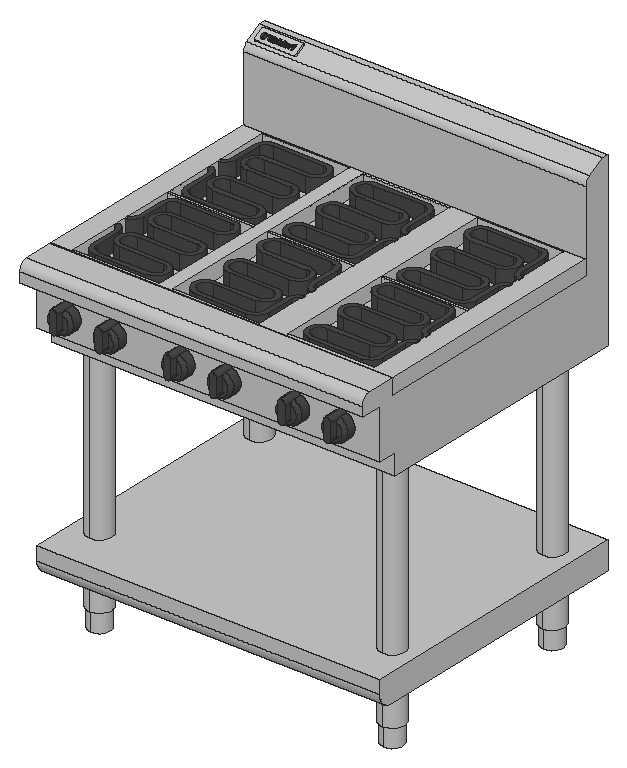
Revit family "QF_MOFFAT WALDORF_RN8600E-LS", category Specialty Equipment, Revit 2012 (continued)
Automatic sketch dimensions
  Split face 9 sketch curve to Split face 9 sketch curve = 20.0 mm
  Extrusion 1 to Split face 10 sketch curve = 5.177 mm
  Split face 10 sketch curve to Extrusion 1 = 9.153 mm
  Split face 10 sketch curve to Extrusion 1 = 295.437 mm
  Split face 10 sketch curve to Split face 10 sketch curve = 20.0 mm
  Extrusion 1 to Split face 11 sketch curve = 5.177 mm
  Split face 11 sketch curve to Extrusion 1 = 9.153 mm
  Split face 11 sketch curve to Extrusion 1 = 245.437 mm
  Split face 11 sketch curve to Split face 11 sketch curve = 20.0 mm
  Extrusion 1 to Split face 12 sketch curve = 5.177 mm
  Split face 12 sketch curve to Extrusion 1 = 9.153 mm
  Split face 12 sketch curve to Extrusion 1 = 195.437 mm
  Split face 12 sketch curve to Split face 12 sketch curve = 20.0 mm
  Extrusion 15 sketch curve to Extrusion 1 = 0.0 mm  (x2)
  Extrusion 1 to Extrusion 15 sketch curve = 0.0 mm
  Extrusion 15 sketch curve to Extrusion 1 = 6.75 mm  (x3)
  Extrusion 15 sketch curve to Extrusion 15 sketch curve = 306.95 mm
  Extrusion 1 to Extrusion 15 sketch curve = 54.0 mm  (x2)
  Extrusion 15 sketch curve to Extrusion 15 sketch curve = 0.0 mm  (x6)
  Extrusion 15 sketch curve to Extrusion 15 sketch curve = 7.6 mm  (x3)
  Extrusion 1 to Extrusion 15 sketch curve = 6.75 mm  (x3)
  Extrusion 1 to Extrusion 15 sketch curve = 1.0 mm
  Extrusion 15 sketch curve to Extrusion 15 sketch curve = 228.75 mm  (x3)
  Extrusion 15 sketch curve to Extrusion 15 sketch curve = 34.5 mm
  Extrusion 15 sketch curve to Extrusion 15 sketch curve = 71.25 mm  (x2)
  Extrusion 16 sketch curve to Extrusion 16 sketch curve = 0.0 mm  (x104)
  Extrusion 1 to Extrusion 16 sketch curve = 20.503 mm  (x3)
  Extrusion 16 sketch curve to Extrusion 16 sketch curve = 11.997 mm  (x6)
  Extrusion 16 sketch curve to Extrusion 16 sketch curve = 19.532 mm  (x6)
  Extrusion 16 sketch curve to Extrusion 16 sketch curve = 0.24 mm  (x6)
  Extrusion 16 sketch curve to Extrusion 16 sketch curve = 0.931 mm  (x10)
  Extrusion 16 sketch curve to Extrusion 16 sketch curve = 0.01 mm  (x6)
  Extrusion 16 sketch curve to Extrusion 16 sketch curve = 21.7 mm  (x30)
  Extrusion 16 sketch curve to Extrusion 16 sketch curve = 0.002 mm  (x6)
  Extrusion 16 sketch curve to Extrusion 16 sketch curve = 70.811 mm  (x6)
  Extrusion 16 sketch curve to Extrusion 16 sketch curve = 0.447 mm  (x6)
  Extrusion 16 sketch curve to Extrusion 16 sketch curve = 0.12 mm  (x6)
  Extrusion 16 sketch curve to Extrusion 16 sketch curve = 19.01 mm  (x6)
  Extrusion 16 sketch curve to Extrusion 16 sketch curve = 12.303 mm  (x6)
  Extrusion 16 sketch curve to Extrusion 16 sketch curve = 21.593 mm  (x6)
  Extrusion 16 sketch curve to Extrusion 16 sketch curve = 12.315 mm  (x6)
  Extrusion 16 sketch curve to Extrusion 16 sketch curve = 18.52 mm  (x6)
  Extrusion 16 sketch curve to Extrusion 16 sketch curve = 0.133 mm  (x6)
  Extrusion 16 sketch curve to Extrusion 16 sketch curve = 0.5 mm  (x2)
  Extrusion 16 sketch curve to Extrusion 16 sketch curve = 19.152 mm  (x4)
  Extrusion 16 sketch curve to Extrusion 16 sketch curve = 20.704 mm  (x8)
  Extrusion 16 sketch curve to Extrusion 16 sketch curve = 0.239 mm  (x6)
  Extrusion 16 sketch curve to Extrusion 16 sketch curve = 16.003 mm  (x3)
  Extrusion 1 to Extrusion 16 sketch curve = 48.333 mm  (x2)
  Extrusion 1 to Extrusion 16 sketch curve = 48.512 mm  (x2)
  Extrusion 16 sketch curve to Extrusion 16 sketch curve = 0.004 mm  (x2)
  Extrusion 16 sketch curve to Extrusion 16 sketch curve = 5.484 mm  (x2)
  Extrusion 16 sketch curve to Extrusion 16 sketch curve = 5.667 mm  (x2)
  Extrusion 16 sketch curve to Extrusion 16 sketch curve = 20.701 mm  (x4)
  Extrusion 16 sketch curve to Extrusion 16 sketch curve = 0.001 mm  (x6)
  Extrusion 16 sketch curve to Extrusion 16 sketch curve = 41.7 mm  (x2)
  Extrusion 16 sketch curve to Extrusion 16 sketch curve = 20.999 mm
  Extrusion 16 sketch curve to Extrusion 16 sketch curve = 112.6 mm  (x5)
  Extrusion 16 sketch curve to Extrusion 16 sketch curve = 130.8 mm  (x2)
  Extrusion 16 sketch curve to Extrusion 16 sketch curve = 19.862 mm  (x4)
  Extrusion 16 sketch curve to Extrusion 16 sketch curve = 0.032 mm  (x2)
  Extrusion 16 sketch curve to Extrusion 16 sketch curve = 19.894 mm  (x2)
  Extrusion 16 sketch curve to Extrusion 16 sketch curve = 0.226 mm  (x4)
  Extrusion 16 sketch curve to Extrusion 16 sketch curve = 0.258 mm  (x4)
  Extrusion 16 sketch curve to Extrusion 16 sketch curve = 0.879 mm  (x8)
  Extrusion 16 sketch curve to Extrusion 16 sketch curve = 14.293 mm
  Extrusion 16 sketch curve to Extrusion 16 sketch curve = 133.7 mm
  Extrusion 16 sketch curve to Extrusion 16 sketch curve = 133.693 mm  (x2)
  Extrusion 1 sketch curve to plane 5 "FRONT" = 0.0 mm
  Extrusion 1 sketch curve to plane 10 = 0.0 mm
  Extrusion 1 sketch curve to plane 6 "TOP" = 0.0 mm
  Extrusion 1 sketch curve to plane 1 "BACK" = 0.0 mm  (x2)
  Extrusion 1 sketch curve to plane 5 "FRONT" = 24.0 mm
  Extrusion 1 sketch curve to plane 5 "FRONT" = 56.0 mm  (x2)
  Extrusion 1 sketch curve to Extrusion 1 sketch curve = 44.0 mm
  Extrusion 1 sketch curve to Extrusion 1 sketch curve = 50.0 mm
  plane 1 "BACK" to Extrusion 1 sketch curve = 70.0 mm
  Extrusion 1 sketch curve to plane 6 "TOP" = 24.369 mm
  Extrusion 1 sketch curve to Extrusion 1 sketch curve = 11.291 mm
  Extrusion 1 sketch curve to Extrusion 1 sketch curve = 22.582 mm
  Extrusion 1 sketch curve to Extrusion 1 sketch curve = 16.5 mm
  Extrusion 1 sketch curve to plane 10 = 40.0 mm
  Extrusion 1 sketch curve to Extrusion 1 sketch curve = 25.0 mm
  Extrusion 1 sketch curve to Extrusion 1 sketch curve = 131.0 mm
  Extrusion 1 sketch curve to Extrusion 1 sketch curve = 195.0 mm
  Extrusion 1 sketch curve to plane 9 "Base Height" = 0.0 mm
  Extrusion 1 sketch curve to Extrusion 1 sketch curve = 38.0 mm
  Extrusion 1 sketch curve to Extrusion 1 sketch curve = 34.5 mm
  Revolve 17 sketch curve to plane 9 "Base Height" = 0.0 mm
  Revolve 17 sketch curve to level = 0.0 mm
  level to Revolve 17 sketch curve = 50.0 mm
  plane 1 "BACK" to Revolve 17 sketch curve = 131.75 mm
  Revolve 17 sketch curve to Revolve 17 sketch curve = 4.25 mm
  Revolve 17 sketch curve to Revolve 17 sketch curve = 27.5 mm  (x2)
  Revolve 17 sketch curve to Revolve 17 sketch curve = 55.0 mm
  Revolve 17 sketch curve to Revolve 17 sketch curve = 0.0 mm
  Revolve 18 sketch curve to plane 9 "Base Height" = 0.0 mm
  Revolve 18 sketch curve to level = 0.0 mm
  level to Revolve 18 sketch curve = 50.0 mm
  Revolve 18 sketch curve to plane 5 "FRONT" = 148.25 mm
  Revolve 18 sketch curve to Revolve 18 sketch curve = 4.25 mm
  Revolve 18 sketch curve to Revolve 18 sketch curve = 27.5 mm  (x2)
  Revolve 18 sketch curve to Revolve 18 sketch curve = 55.0 mm
  Revolve 18 sketch curve to Revolve 18 sketch curve = 0.0 mm
  Revolve 19 sketch curve to plane 9 "Base Height" = 0.0 mm
  Revolve 19 sketch curve to level = 0.0 mm
  level to Revolve 19 sketch curve = 50.0 mm
  plane 1 "BACK" to Revolve 19 sketch curve = 131.75 mm
  Revolve 19 sketch curve to Revolve 19 sketch curve = 4.25 mm
  Revolve 19 sketch curve to Revolve 19 sketch curve = 27.5 mm  (x2)
  Revolve 19 sketch curve to Revolve 19 sketch curve = 0.0 mm
  Revolve 19 sketch curve to Revolve 19 sketch curve = 55.0 mm
  Revolve 20 sketch curve to plane 9 "Base Height" = 0.0 mm
  Revolve 20 sketch curve to level = 0.0 mm
  level to Revolve 20 sketch curve = 50.0 mm
  Revolve 20 sketch curve to plane 5 "FRONT" = 148.25 mm
  Revolve 20 sketch curve to Revolve 20 sketch curve = 4.25 mm
  Revolve 20 sketch curve to Revolve 20 sketch curve = 27.5 mm  (x2)
  Revolve 20 sketch curve to Revolve 20 sketch curve = 0.0 mm
  Revolve 20 sketch curve to Revolve 20 sketch curve = 55.0 mm
  Extrusion 21 sketch curve to Extrusion 21 sketch curve = 0.0 mm  (x8)
  Extrusion 1 to Extrusion 21 sketch curve = 68.25 mm  (x2)
  Extrusion 21 sketch curve to Extrusion 21 sketch curve = 31.75 mm  (x4)
  Extrusion 1 to Extrusion 21 sketch curve = 155.75 mm  (x2)
  Extrusion 1 to Extrusion 21 sketch curve = 65.0 mm  (x4)
  radius of Extrusion 4 sketch curve = 13.5 mm
Nested families
  nested 1: "WALDORF LOGO" at (12.5, -36.099, 1102.127), visible <- "Show Logo", type "WALDORF LOGO", detail levels medium+fine
    with Type Mark "", Status "", Specification by User "", Show Logo yes, Revision Code "", Item Number "", Installed By "", Identify Quantity as Lot yes, Furnished By "", Foodservice Equipment Identifier yes
  nested 2: "RN8600E-LS-CASTERS" at (65, -100, 0), Show Casters <- "Show Casters", visible <- "Show Casters", type "RN8600E-LS-CASTERS"
    with Type Mark "", Status "", Specification by User "", Show Casters no, Revision Code "", Item Number "", Installed By "", Identify Quantity as Lot yes, Furnished By "", Foodservice Equipment Identifier yes
  nested 3: "RN8600E-LS-CASTERS" at (835, -100, 0), Show Casters <- "Show Casters", visible <- "Show Casters", type "RN8600E-LS-CASTERS"
    with Type Mark "", Status "", Specification by User "", Show Casters no, Revision Code "", Item Number "", Installed By "", Identify Quantity as Lot yes, Furnished By "", Foodservice Equipment Identifier yes
Connectors
  electrical at (770, -32, 710), driven by "Volts", driven by "Watts"
    settings: on cut or joined group of Extrusion 1, Extrusion 4, index 1, voltage 415 V, apparent load 14400 VA, apparent load phase1 0 VA, apparent load phase2 0 VA, apparent load phase3 0 VA, power factor 1, load classification "Other", number of poles 1, system type 30, power factor state 1, is connector primary yes, connector utility no, sub classification motor no, connector description "ELECTRICAL CONNECTION"
Definition of nested family "WALDORF LOGO"
  Parameters (values of type "BT8300-CB-LOGO")
    Weight in Pounds = 0
    URL Cutsheet = ""
    Type Mark [instance] = ""
    Status [instance] = ""
    Specification by User [instance] = ""
    Specification by Manufacturer = ""
    Show Logo [instance] = yes
    Serial Number = ""
    Seismic Rating = ""
    SMACNA No = ""
    Revision Code [instance] = ""
    Omniclass Number and Title = ""
    NAFEM Spec ID Number = ""
    Masterspec = ""
    Item Number [instance] = ""
    Installed By [instance] = ""
    Identify Quantity as Lot [instance] = yes
    Furnished By [instance] = ""
    Foodservice Equipment Identifier [instance] = yes
    CSI MasterFormat = ""
    CSI Master Format = ""
  Reference planes
    plane 1 "BACK": y = 0
    plane 2: z = 0
    plane 3 "LEFT": x = 0
    plane 4 "RIGHT": x = 109
    plane 5 "FRONT": y = -1.588
    plane 6 "TOP": z = 34.14
    plane 7 "Center Y": x = 54.5
    plane 8 "Center X": y = -0.794
  Forms (mm)
    Extrusion 1, solid, material "QF_Finishes_Stainless Steel", visible <- "Show Logo"
      sketch origin (0, -15.16, 7.701) x (1, 0, 0) y (0, 0.863373, 0.504566)
        loop
          arc (5, 34.14) -> (1.464, 32.676) -> (0, 29.14) r 5
          line (0, 29.14) -> (0, 5)
          arc (0, 5) -> (1.464, 1.464) -> (5, 0) r 5
          line (5, 0) -> (104, 0)
          arc (104, 0) -> (107.536, 1.464) -> (109, 5) r 5
          line (109, 5) -> (109, 29.14)
          arc (109, 29.14) -> (107.536, 32.676) -> (104, 34.14) r 5
          line (104, 34.14) -> (5, 34.14)
      from 0 to 1.588
    Extrusion 2, solid, material "QF_Finishes_Black", visible <- "Show Logo"
      sketch origin (0, -15.961, 9.072) x (1, 0, 0) y (0, 0.863373, 0.504566)
        loop
          line (24.772, 23.214) -> (27.992, 10.301) -> (31.551, 10.301) -> (33.443, 17.364) -> (35.205, 10.301) -> (39.332, 10.301) -> (42.077, 23.214) -> (38.352, 23.214) -> (36.676, 15.33) -> (35, 23.214) -> (31.752, 23.214) -> (30.076, 15.33) -> (28.4, 23.214) -> (24.772, 23.214)
        loop
          line (42.272, 17.055) -> (45.703, 17.055)
          spline (45.703, 17.055) -> (45.741, 17.285) -> (45.852, 17.499) -> (46.028, 17.682) -> (46.258, 17.823) -> (46.526, 17.912) -> (46.813, 17.942) -> (47.1, 17.912) -> (47.368, 17.823) -> (47.597, 17.682) -> (47.774, 17.499) -> (47.884, 17.285) -> (47.922, 17.055)
          line (47.922, 17.055) -> (47.922, 16.222)
          arc (47.922, 16.222) -> (45.742, 16.014) -> (43.665, 15.317) r 9.604
          arc (43.665, 15.317) -> (41.924, 12.809) -> (43.665, 10.301) r 2.677
          arc (43.665, 10.301) -> (45.527, 10.353) -> (47.332, 10.816) r 8.365
          line (47.332, 10.816) -> (48.092, 11.105) -> (48.092, 10.301) -> (51.817, 10.301) -> (51.817, 17.055)
          spline (51.817, 17.055) -> (51.654, 17.821) -> (51.178, 18.535) -> (50.419, 19.148) -> (49.431, 19.619) -> (48.28, 19.914) -> (47.044, 20.015) -> (45.809, 19.914) -> (44.658, 19.619) -> (43.67, 19.148) -> (42.911, 18.535) -> (42.434, 17.821) -> (42.272, 17.055)
        loop
          line (53.151, 23.214) -> (53.151, 10.301) -> (57.37, 10.301) -> (57.37, 23.214) -> (53.151, 23.214)
        loop
          line (64.874, 23.214) -> (64.874, 18.857)
          arc (64.874, 18.857) -> (58.083, 15.11) -> (64.874, 11.363) r 4.429
          line (64.874, 11.363) -> (64.874, 10.301) -> (68.378, 10.301) -> (68.378, 23.214) -> (64.874, 23.214)
        loop
          arc (64.874, 16.083) -> (61.41, 14.987) -> (64.874, 13.891) r 1.905
          line (64.874, 13.891) -> (64.874, 16.083)
        loop
          circle (74.623, 15.223) r 5
        loop
          spline (74.623, 17.856) -> (74.355, 17.766) -> (74.105, 17.503) -> (73.891, 17.084) -> (73.726, 16.539) -> (73.623, 15.904) -> (73.588, 15.223) -> (73.623, 14.541) -> (73.726, 13.906) -> (73.891, 13.361) -> (74.105, 12.942) -> (74.355, 12.679) -> (74.623, 12.59)
          spline (74.623, 12.59) -> (74.891, 12.679) -> (75.141, 12.942) -> (75.355, 13.361) -> (75.52, 13.906) -> (75.623, 14.541) -> (75.659, 15.223) -> (75.623, 15.904) -> (75.52, 16.539) -> (75.355, 17.084) -> (75.141, 17.503) -> (74.891, 17.766) -> (74.623, 17.856)
        loop
          line (81.255, 19.813) -> (81.255, 10.301) -> (84.834, 10.301) -> (84.834, 14.176)
          arc (84.834, 14.176) -> (85.854, 16.093) -> (88.013, 16.32) r 2.313
          line (88.013, 16.32) -> (88.013, 19.813) -> (87.161, 19.813)
          arc (87.161, 19.813) -> (85.526, 19.266) -> (84.549, 17.844) r 2.717
          line (84.549, 17.844) -> (84.549, 19.813) -> (81.255, 19.813)
        loop
          line (90.249, 19.813) -> (88.91, 19.813) -> (88.91, 17.614) -> (90.249, 17.614) -> (90.249, 10.301) -> (93.998, 10.301) -> (93.998, 17.614) -> (95.418, 17.614) -> (95.418, 19.813) -> (93.998, 19.813)
          arc (93.998, 19.813) -> (94.414, 20.817) -> (95.418, 21.233) r 1.42
          line (95.418, 21.233) -> (95.418, 23.602) -> (93.317, 23.602)
          arc (93.317, 23.602) -> (91.343, 22.903) -> (90.249, 21.118) r 3.137
          line (90.249, 21.118) -> (90.249, 19.813)
        loop
          arc (15.241, 23.571) -> (8.392, 16.525) -> (15.241, 9.479) r 7.049
          line (15.241, 9.479) -> (15.241, 23.571)
        loop
          line (15.641, 23.571) -> (15.641, 9.479)
          arc (15.641, 9.479) -> (22.49, 16.525) -> (15.641, 23.571) r 7.049
        loop
          arc (47.922, 14.711) -> (46.266, 13.749) -> (47.922, 12.787) r 1.107
          line (47.922, 12.787) -> (47.922, 14.711)
      from 0 to 0.2
  Dimensions and locks
    equal spacing: plane 3 "LEFT", plane 7 "Center Y", plane 4 "RIGHT"
    plane 3 "LEFT" to plane 4 "RIGHT" = 109.0 mm
    equal spacing: plane 5 "FRONT", plane 8 "Center X", plane 1 "BACK"
    plane 5 "FRONT" to plane 1 "BACK" = 1.588 mm
    aligned and locked: level to plane 2
  Automatic sketch dimensions
    Extrusion 1 sketch curve to plane 3 "LEFT" = 0.0 mm
    Extrusion 1 sketch curve to plane 4 "RIGHT" = 0.0 mm
    plane 3 "LEFT" to Extrusion 1 sketch curve = 5.0 mm  (x2)
    plane 4 "RIGHT" to Extrusion 1 sketch curve = 5.0 mm  (x2)
    Extrusion 1 sketch curve to Extrusion 1 sketch curve = 24.14 mm
    Extrusion 2 sketch curve to Extrusion 2 sketch curve = 0.0 mm  (x14)
    Extrusion 2 sketch curve to Extrusion 1 = 15.241 mm
    Extrusion 2 sketch curve to Extrusion 2 sketch curve = 0.2 mm
    Extrusion 2 sketch curve to Extrusion 2 sketch curve = 0.4 mm
    Extrusion 2 sketch curve to Extrusion 2 sketch curve = 9.131 mm
    Extrusion 2 sketch curve to Extrusion 1 = 10.301 mm  (x2)
    Extrusion 2 sketch curve to Extrusion 2 sketch curve = 12.351 mm
    Extrusion 2 sketch curve to Extrusion 2 sketch curve = 3.628 mm
    Extrusion 2 sketch curve to Extrusion 2 sketch curve = 2.084 mm
    Extrusion 2 sketch curve to Extrusion 2 sketch curve = 3.559 mm
    Extrusion 2 sketch curve to Extrusion 1 = 10.926 mm  (x2)
    Extrusion 2 sketch curve to Extrusion 2 sketch curve = 3.352 mm  (x2)
    Extrusion 2 sketch curve to Extrusion 2 sketch curve = 3.367 mm
    Extrusion 2 sketch curve to Extrusion 2 sketch curve = 3.249 mm
    Extrusion 2 sketch curve to Extrusion 2 sketch curve = 3.654 mm
    Extrusion 2 sketch curve to Extrusion 1 = 15.33 mm
    Extrusion 2 sketch curve to Extrusion 2 sketch curve = 3.233 mm
    Extrusion 2 sketch curve to Extrusion 2 sketch curve = 4.128 mm
    Extrusion 2 sketch curve to Extrusion 2 sketch curve = 3.725 mm
    Extrusion 2 sketch curve to Extrusion 2 sketch curve = 5.596 mm
    Extrusion 2 sketch curve to Extrusion 2 sketch curve = 4.333 mm
    Extrusion 2 sketch curve to Extrusion 2 sketch curve = 1.394 mm
    Extrusion 2 sketch curve to Extrusion 2 sketch curve = 2.092 mm
    Extrusion 2 sketch curve to Extrusion 2 sketch curve = 0.936 mm
    Extrusion 2 sketch curve to Extrusion 2 sketch curve = 1.34 mm
    Extrusion 2 sketch curve to Extrusion 2 sketch curve = 1.109 mm
    Extrusion 2 sketch curve to Extrusion 2 sketch curve = 0.232 mm
    Extrusion 2 sketch curve to Extrusion 2 sketch curve = 2.731 mm
    Extrusion 2 sketch curve to Extrusion 2 sketch curve = 0.549 mm  (x2)
    Extrusion 2 sketch curve to Extrusion 2 sketch curve = 0.407 mm
    Extrusion 2 sketch curve to Extrusion 2 sketch curve = 0.76 mm
    Extrusion 2 sketch curve to Extrusion 2 sketch curve = 1.334 mm
    Extrusion 2 sketch curve to Extrusion 2 sketch curve = 4.219 mm
    Extrusion 2 sketch curve to Extrusion 2 sketch curve = 5.142 mm
    Extrusion 2 sketch curve to Extrusion 2 sketch curve = 0.803 mm
    Extrusion 2 sketch curve to Extrusion 2 sketch curve = 1.558 mm
    Extrusion 2 sketch curve to Extrusion 2 sketch curve = 3.504 mm
    Extrusion 2 sketch curve to Extrusion 2 sketch curve = 6.245 mm
    Extrusion 2 sketch curve to Extrusion 2 sketch curve = 6.632 mm
    Extrusion 2 sketch curve to Extrusion 2 sketch curve = 3.294 mm
    Extrusion 2 sketch curve to Extrusion 2 sketch curve = 3.579 mm
    Extrusion 2 sketch curve to Extrusion 2 sketch curve = 2.313 mm
    Extrusion 2 sketch curve to Extrusion 2 sketch curve = 2.612 mm
    Extrusion 2 sketch curve to Extrusion 2 sketch curve = 0.852 mm
    Extrusion 2 sketch curve to Extrusion 2 sketch curve = 0.897 mm
    Extrusion 2 sketch curve to Extrusion 2 sketch curve = 3.102 mm
    Extrusion 2 sketch curve to Extrusion 2 sketch curve = 1.338 mm
    Extrusion 2 sketch curve to Extrusion 2 sketch curve = 3.068 mm
    Extrusion 2 sketch curve to Extrusion 2 sketch curve = 0.681 mm
    Extrusion 2 sketch curve to Extrusion 2 sketch curve = 3.749 mm
    Extrusion 2 sketch curve to Extrusion 2 sketch curve = 1.42 mm
    Extrusion 2 sketch curve to Extrusion 2 sketch curve = 5.029 mm  (x2)
    Extrusion 2 sketch curve to Extrusion 1 = 9.479 mm
    Extrusion 2 sketch curve to Extrusion 2 sketch curve = 3.681 mm
    Extrusion 2 sketch curve to Extrusion 2 sketch curve = 0.515 mm
    Extrusion 2 sketch curve to Extrusion 2 sketch curve = 0.804 mm
    Extrusion 2 sketch curve to Extrusion 2 sketch curve = 1.062 mm
    Extrusion 2 sketch curve to Extrusion 2 sketch curve = 1.682 mm
    Extrusion 2 sketch curve to Extrusion 2 sketch curve = 2.508 mm
    Extrusion 2 sketch curve to Extrusion 2 sketch curve = 0.962 mm
    Extrusion 2 sketch curve to Extrusion 2 sketch curve = 2.528 mm
    Extrusion 2 sketch curve to Extrusion 2 sketch curve = 3.875 mm
    Extrusion 2 sketch curve to Extrusion 2 sketch curve = 1.096 mm
    Extrusion 2 sketch curve to Extrusion 2 sketch curve = 0.123 mm
    Extrusion 2 sketch curve to Extrusion 2 sketch curve = 4.922 mm
    Extrusion 2 sketch curve to Extrusion 2 sketch curve = 7.046 mm
    Extrusion 2 sketch curve to Extrusion 2 sketch curve = 0.833 mm
    Extrusion 2 sketch curve to Extrusion 2 sketch curve = 0.776 mm
    Extrusion 2 sketch curve to Extrusion 2 sketch curve = 2.034 mm
    Extrusion 2 sketch curve to Extrusion 2 sketch curve = 7.314 mm
    Extrusion 2 sketch curve to Extrusion 2 sketch curve = 1.295 mm
    Extrusion 2 sketch curve to Extrusion 2 sketch curve = 0.749 mm
    Extrusion 2 sketch curve to Extrusion 2 sketch curve = 2.633 mm
    Extrusion 2 sketch curve to Extrusion 2 sketch curve = 2.198 mm  (x2)
    Extrusion 2 sketch curve to Extrusion 2 sketch curve = 1.968 mm
    Extrusion 2 sketch curve to Extrusion 2 sketch curve = 0.653 mm
    Extrusion 2 sketch curve to Extrusion 2 sketch curve = 1.305 mm
    Extrusion 2 sketch curve to Extrusion 2 sketch curve = 4.357 mm
    Extrusion 2 sketch curve to Extrusion 2 sketch curve = 6.159 mm
    radius of Extrusion 2 sketch curve = 5.0 mm
Definition of nested family "RN8600E-LS-CASTERS"
  Parameters (values of type "BTL8450-CB-CASTERS")
    Weight = ""
    URL Manufacturer = ""
    URL Cutsheet = ""
    URL = ""
    Type Mark [instance] = ""
    Status [instance] = ""
    Specification by User [instance] = ""
    Specification by Manufacturer = ""
    Show Casters [instance] = no
    Serial Number = ""
    Seismic Rating = ""
    SMACNA No = ""
    Revision Code [instance] = ""
    Omniclass Number and Title = ""
    NAFEM Spec ID Number = ""
    Model = ""
    MasterSpec. = ""
    Manufacturer = ""
    Item Number [instance] = ""
    Installed By [instance] = ""
    Identify Quantity as Lot [instance] = yes
    Furnished By [instance] = ""
    Foodservice Equipment Identifier [instance] = yes
    Description = ""
    CSI MasterFormat = ""
    CSI Master Format = ""
    Assembly Code = ""
  Reference planes
    plane 1: z = 0
    plane 2 "RIGHT": x = 0
    plane 3 "FRONT": y = 0
    plane 4 "TOP": z = 177.8
  Forms (mm)
    Revolve 1, solid, material "QF_Finishes_Stainless Steel", visible <- "Show Casters"
      sketch origin (0, 56.335, 0) x (0, 1, 0) y (0, 0, 1)
        loop
          line (-56.335, 152.4) -> (-56.335, 141.118) -> (-23.798, 141.118) -> (-23.798, 152.4) -> (-56.335, 152.4)
        axis (-56.335, 141.118) -> (-56.335, 152.4)
      angle from 0 to 360
    Extrusion 2, solid, material "QF_Finishes_Stainless Steel", visible <- "Show Casters"
      sketch origin (-46.049, 56.335, 0) x (0, 1, 0) y (0, 0, 1)
        loop
          line (-85.799, 141.118) -> (-85.799, 133.498) -> (-82.136, 133.498)
          arc (-82.136, 133.498) -> (-79.344, 132.328) -> (-77.146, 130.248) r 8.432
          line (-77.146, 130.248) -> (-39.502, 49.52)
          arc (-39.502, 49.52) -> (-13.784, 46.107) -> (-5.673, 70.75) r 20.32
          arc (-5.673, 70.75) -> (-7.065, 73.611) -> (-8.887, 76.22) r 20.32
          arc (-8.887, 76.22) -> (-9.399, 85.377) -> (-6.626, 94.119) r 25.4
          line (-6.626, 94.119) -> (8.003, 121.632)
          arc (8.003, 121.632) -> (-2.347, 126.31) -> (-13.34, 129.167) r 66.802
          line (-13.34, 129.167) -> (-13.765, 133.498) -> (-26.871, 133.498) -> (-26.871, 141.118) -> (-85.799, 141.118)
      from 20.058 to 22.923
    Extrusion 3, solid, material "QF_Finishes_Stainless Steel", visible <- "Show Casters"
      sketch origin (3.326, 56.335, 0) x (0, 1, 0) y (0, 0, 1)
        loop
          line (-85.799, 141.118) -> (-85.799, 133.498) -> (-82.136, 133.498)
          arc (-82.136, 133.498) -> (-79.344, 132.328) -> (-77.146, 130.248) r 8.432
          line (-77.146, 130.248) -> (-39.502, 49.52)
          arc (-39.502, 49.52) -> (-13.784, 46.107) -> (-5.673, 70.75) r 20.32
          arc (-5.673, 70.75) -> (-7.065, 73.611) -> (-8.887, 76.22) r 20.32
          arc (-8.887, 76.22) -> (-9.399, 85.377) -> (-6.626, 94.119) r 25.4
          line (-6.626, 94.119) -> (8.003, 121.632)
          arc (8.003, 121.632) -> (-2.347, 126.31) -> (-13.34, 129.167) r 66.802
          line (-13.34, 129.167) -> (-13.765, 133.498) -> (-26.871, 133.498) -> (-26.871, 141.118) -> (-85.799, 141.118)
      from 20.058 to 22.923
    Extrusion 4, solid, material "QF_Finishes_Stainless Steel", visible <- "Show Casters"
      sketch origin (-49.224, 56.335, 0) x (0, 1, 0) y (0, 0, 1)
        loop
          line (-85.799, 141.118) -> (-85.799, 133.498) -> (-82.136, 133.498) -> (-18.877, 127.964) -> (7.14, 120.01) -> (8.003, 121.632)
          arc (8.003, 121.632) -> (-2.347, 126.31) -> (-13.34, 129.167) r 66.802
          line (-13.34, 129.167) -> (-13.765, 133.498) -> (-26.871, 133.498) -> (-26.871, 141.118) -> (-85.799, 141.118)
      from 26.098 to 72.56
    Revolve 5, solid, material "QF_Finishes_Stainless Steel", visible <- "Show Casters"
      sketch origin (-49.224, 30.821, 0) x (1, 0, 0) y (0, 0, 1)
        loop
          line (14.841, 63.604) -> (83.584, 63.604) -> (83.584, 67.109) -> (82.314, 68.379) -> (80.79, 68.379) -> (80.79, 71.826) -> (68.644, 71.826) -> (68.644, 81.79) -> (65.088, 83.843) -> (61.683, 104.879) -> (65.881, 104.879) -> (65.881, 111.229) -> (65.088, 111.229) -> (65.088, 117.579)
          arc (65.088, 117.579) -> (62.298, 124.314) -> (55.563, 127.104) r 9.525
          line (55.563, 127.104) -> (42.863, 127.104)
          arc (42.863, 127.104) -> (36.127, 124.314) -> (33.338, 117.579) r 9.525
          line (33.338, 117.579) -> (33.338, 111.229) -> (32.544, 111.229) -> (32.544, 104.879) -> (36.742, 104.879) -> (33.352, 83.932) -> (29.782, 81.871) -> (29.782, 71.826) -> (17.635, 71.826) -> (17.635, 68.379) -> (16.111, 68.379) -> (14.841, 67.109) -> (14.841, 63.604)
        axis (14.841, 63.604) -> (83.584, 63.604)
      angle from 0 to 360
  Cuts and joins
    joined: Extrusion 2, Extrusion 3, Extrusion 4
  Lines and regions (mm)
    symbolic lines, style "SpecialityEquipmentHiddenLines", visible <- "Show Casters"
      curve 1: line (18.009, 67.053, 0) -> (45.595, 51.127, 0)
      curve 2: line (-45.491, -42.932, 0) -> (18.009, 67.053, 0)
      curve 3: line (-17.905, -58.859, 0) -> (-45.491, -42.932, 0)
      curve 4: line (45.595, 51.127, 0) -> (-17.905, -58.859, 0)
  Dimensions and locks
    plane 4 "TOP" to level = 177.8 mm  (x2)
    Revolve 5 sketch curve to Revolve 5 sketch curve = 63.5 mm
    aligned and locked: level to plane 1
